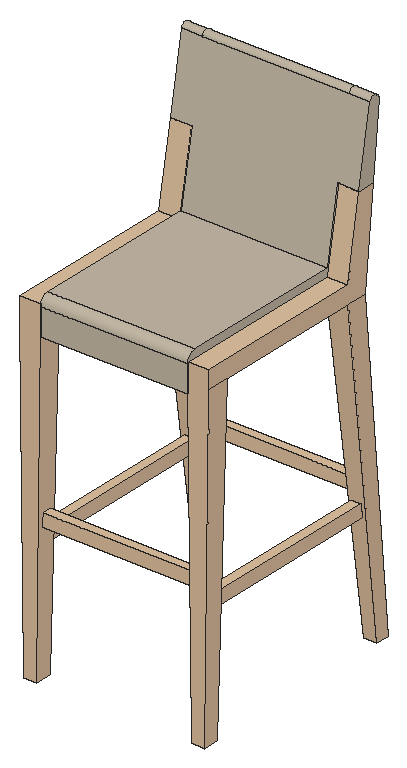
Revit family "FU_Stool_Sandler_Euthalia-181-41", category Furniture, Revit 2020
Family settings
  OmniClass Number = 23.40.20.00
  OmniClass Title = General Furniture and Specialties
  Work Plane-Based = No
  Always vertical = Yes
  Cut with Voids When Loaded = No
  Shared = No
  Room Calculation Point = No
Parameters
  Wood = Wood - Beech - Cherry Wood - V
  Width = 430 mm
  Upholstery = Fabric - Mainline Flax - Upminster MLF20
  URL = "https://www.sandlerseating.com/product/euthalia-181-41/"
  Model = "Euthalia 181.41"
  Manufacturer = "Sandler"
  Height = 1130 mm
  Description = "Barstool in walnut or beech frame with upholstered seat. Footrest in stainless steel. This product has an extended lead time."
  Depth = 520 mm
  Default Elevation = 0 mm
Reference planes
  plane 1 "Center (Front/Back)": y = 0
  plane 2: z = 0
  plane 3 "Center (Left/Right)": x = 0
  plane 4 "Right": x = -215
  plane 5 "Left": x = 215
  plane 6 "Back": y = 260
  plane 7 "Front": y = -260
  plane 8 "Height": z = 1130
  plane 9 "Seat height": z = 790
  plane 10: z = 951.98
  plane 11: z = 951.98
  plane 12: z = 951.98
  plane 13: z = 951.98
Forms (mm)
  Extrusion 1, solid, material "Fabric - Mainline Flax - Upminster MLF20" <- "Upholstery"
    sketch origin (0.066, 0.246, 425.352) x (0, 1, 0) y (0, 0, 1)
      loop
        arc (-239.728, 366.648) -> (-254.578, 360.497) -> (-260.728, 345.648) r 21
        line (-260.728, 345.648) -> (-260.728, 284.312) -> (180.696, 284.312) -> (223.702, 691.244)
        arc (223.702, 691.244) -> (213.423, 704.485) -> (199.782, 694.742) r 12.097
        line (199.782, 694.742) -> (138.331, 366.648) -> (-239.728, 366.648)
    from -167.546 to 167.413
  Extrusion 2, solid, material "Wood - Beech - Cherry Wood - V" <- "Wood"
    sketch origin (50, 0.246, 425.352) x (0, 1, 0) y (0, 0, 1)
      loop
        line (-260.246, 350.28) -> (-260.246, 309.213) -> (183.327, 309.213) -> (206.305, 526.628) -> (168.295, 526.628) -> (135.265, 350.28) -> (-260.246, 350.28)
    from -265 to -217.48
  Extrusion 3, solid, material "Fabric - Mainline Flax - Upminster MLF20" <- "Upholstery"
    sketch origin (50, 0.246, 425.352) x (0, 1, 0) y (0, 0, 1)
      loop
        line (199.782, 694.742) -> (168.295, 526.628) -> (206.305, 526.628) -> (223.702, 691.244)
        arc (223.702, 691.244) -> (213.423, 704.485) -> (199.782, 694.742) r 12.097
    from -265 to -217.48
  Blend 4, solid, material "Wood - Beech - Cherry Wood - V" <- "Wood"
    base sketch origin (50, 0.246, 0) x (1, 0, 0) y (0, 1, 0)
      loop
        line (-226.609, 259.754) -> (-256.609, 259.754) -> (-256.609, 229.754) -> (-226.609, 229.754) -> (-226.609, 259.754)
    top sketch origin (50, 0.246, 0) x (1, 0, 0) y (0, 1, 0)
      loop
        line (-217.48, 135.265) -> (-217.48, 183.327) -> (-265, 183.327) -> (-265, 135.265) -> (-217.48, 135.265)
    from 0 to 734.565
  Blend 5, solid, material "Wood - Beech - Cherry Wood - V" <- "Wood"
    base sketch origin (50, 28.748, 0) x (1, 0, 0) y (0, 1, 0)
      loop
        line (-256.24, -288.748) -> (-226.24, -288.748) -> (-226.24, -253.748) -> (-256.24, -253.748) -> (-256.24, -288.748)
    top sketch origin (50, 28.748, 0) x (1, 0, 0) y (0, 1, 0)
      loop
        line (-265, -238.485) -> (-265, -288.748) -> (-217.48, -288.748) -> (-217.48, -238.485) -> (-265, -238.485)
    from 0 to 734.565
  Extrusion 6, solid, material "Wood - Beech - Cherry Wood - V" <- "Wood"
    sketch origin (-50, 0.246, 425.352) x (0, 1, 0) y (0, 0, -1)
      loop
        line (-260.246, -350.28) -> (135.265, -350.28) -> (168.295, -526.628) -> (206.305, -526.628) -> (183.327, -309.213) -> (-260.246, -309.213) -> (-260.246, -350.28)
    from -265 to -217.48
  Extrusion 7, solid, material "Fabric - Mainline Flax - Upminster MLF20" <- "Upholstery"
    sketch origin (-50, 0.246, 425.352) x (0, 1, 0) y (0, 0, -1)
      loop
        arc (199.782, -694.742) -> (213.423, -704.485) -> (223.702, -691.244) r 12.097
        line (223.702, -691.244) -> (206.305, -526.628) -> (168.295, -526.628) -> (199.782, -694.742)
    from -265 to -217.48
  Blend 8, solid, material "Wood - Beech - Cherry Wood - V" <- "Wood"
    base sketch origin (-50, 28.748, 0) x (-1, 0, 0) y (0, -1, 0)
      loop
        line (-256.24, 288.748) -> (-256.24, 253.748) -> (-226.24, 253.748) -> (-226.24, 288.748) -> (-256.24, 288.748)
    top sketch origin (-50, 28.748, 0) x (-1, 0, 0) y (0, -1, 0)
      loop
        line (-265, 238.485) -> (-217.48, 238.485) -> (-217.48, 288.748) -> (-265, 288.748) -> (-265, 238.485)
    from 0 to 734.565
  Extrusion 9, solid, material "Wood - Beech - Cherry Wood - V" <- "Wood"
    sketch origin (0.825, 0, 0) x (1, 0, 0) y (0, 0, 1)
      loop
        line (-192.649, 344.271) -> (-192.649, 314.003) -> (190.999, 314.003) -> (190.999, 344.271) -> (-192.649, 344.271)
    from 230 to 250
  Extrusion 10, solid, material "Wood - Beech - Cherry Wood - V" <- "Wood"
    sketch origin (2.649, -32.032, 0) x (1, 0, 0) y (0, 0, -1)
      loop
        line (-192.649, -344.271) -> (190.999, -344.271) -> (190.999, -314.003) -> (-192.649, -314.003) -> (-192.649, -344.271)
    from 230 to 250
  Extrusion 11, solid, material "Wood - Beech - Cherry Wood - V" <- "Wood"
    sketch origin (0, 0.937, 0) x (0, 1, 0) y (0, 0, 1)
      loop
        line (-240.937, 299.448) -> (-240.937, 269.181) -> (197.031, 269.181) -> (197.031, 299.448) -> (-240.937, 299.448)
    from 180 to 200
  Blend 12, solid, material "Wood - Beech - Cherry Wood - V" <- "Wood"
    base sketch origin (-50, 0.246, 0) x (-1, 0, 0) y (0, -1, 0)
      loop
        line (-226.609, -259.754) -> (-226.609, -229.754) -> (-256.609, -229.754) -> (-256.609, -259.754) -> (-226.609, -259.754)
    top sketch origin (-50, 0.246, 0) x (-1, 0, 0) y (0, -1, 0)
      loop
        line (-217.48, -135.265) -> (-265, -135.265) -> (-265, -183.327) -> (-217.48, -183.327) -> (-217.48, -135.265)
    from 0 to 734.565
  Extrusion 13, solid, material "Wood - Beech - Cherry Wood - V" <- "Wood"
    sketch origin (0, 0.937, 0) x (0, 1, 0) y (0, 0, -1)
      loop
        line (-240.937, -299.448) -> (197.031, -299.448) -> (197.031, -269.181) -> (-240.937, -269.181) -> (-240.937, -299.448)
    from 180 to 200
  Extrusion 14, void
    sketch origin (0, 0, 0) x (0, 1, 0) y (0, 0, 1)
      loop
        line (-214.737, 734.565) -> (-214.737, 704.565) -> (200.263, 704.565) -> (200.263, 734.565) -> (-214.737, 734.565)
    from -215 to 215
Cuts and joins
  Extrusion 14 cuts Extrusion 1
  joined: Extrusion 1, Extrusion 3, Extrusion 7
  joined: Extrusion 2, Blend 4, Blend 5, Extrusion 6, Blend 8, Extrusion 9, Extrusion 10, Extrusion 11, Blend 12, Extrusion 13
Dimensions and locks
  equal spacing: plane 4 "Right", plane 3 "Center (Left/Right)", plane 5 "Left"
  "Width": plane 4 "Right" to plane 5 "Left"
  equal spacing: plane 6 "Back", plane 1 "Center (Front/Back)", plane 7 "Front"
  "Depth": plane 6 "Back" to plane 7 "Front"
  "Height": plane 8 "Height" to level
  plane 9 "Seat height" to level = 790 mm
  aligned and locked: level to plane 2
Automatic sketch dimensions
  Extrusion 1 sketch curve to plane 7 "Front" = 0.482 mm
  plane 7 "Front" to Extrusion 1 sketch curve = 20.518 mm
  plane 9 "Seat height" to Extrusion 1 sketch curve = 2 mm
  Extrusion 1 sketch curve to plane 6 "Back" = 121.423 mm
  Extrusion 1 sketch curve to plane 6 "Back" = 79.058 mm
  Extrusion 1 sketch curve to plane 8 "Height" = 9.906 mm
  Extrusion 1 sketch curve to plane 6 "Back" = 59.971 mm
  Extrusion 1 sketch curve to Extrusion 1 sketch curve = 11.89 mm
  Extrusion 1 sketch curve to plane 8 "Height" = 13.404 mm
  Extrusion 1 sketch curve to Extrusion 1 sketch curve = 12.03 mm
  Extrusion 1 sketch curve to Extrusion 1 sketch curve = 61.336 mm
  Extrusion 2 sketch curve to plane 7 "Front" = 0 mm
  Extrusion 2 sketch curve to plane 10 = 0 mm
  Extrusion 2 sketch curve to plane 9 "Seat height" = 14.368 mm
  Extrusion 2 sketch curve to plane 6 "Back" = 124.489 mm
  Extrusion 2 sketch curve to plane 6 "Back" = 91.459 mm
  Extrusion 2 sketch curve to Extrusion 2 sketch curve = 48.062 mm
  Extrusion 2 sketch curve to Extrusion 2 sketch curve = 38.01 mm
  Extrusion 2 sketch curve to plane 9 "Seat height" = 55.435 mm
  Extrusion 3 sketch curve to plane 11 = 0 mm
  Extrusion 3 sketch curve to plane 6 "Back" = 91.459 mm
  Extrusion 3 sketch curve to plane 8 "Height" = 9.906 mm
  Extrusion 3 sketch curve to plane 6 "Back" = 59.971 mm
  Extrusion 3 sketch curve to Extrusion 3 sketch curve = 38.01 mm
  Extrusion 3 sketch curve to Extrusion 3 sketch curve = 11.89 mm
  Extrusion 3 sketch curve to plane 8 "Height" = 13.404 mm
  Extrusion 3 sketch curve to Extrusion 3 sketch curve = 12.03 mm
  Blend 4 sketch curve to plane 6 "Back" = 0 mm
  Blend 4 sketch curve to plane 4 "Right" = 8.391 mm
  Blend 4 sketch curve to Blend 4 sketch curve = 30 mm  (x2)
  Blend 4 sketch curve to plane 4 "Right" = 0 mm
  Blend 4 sketch curve to Blend 4 sketch curve = 47.52 mm
  Blend 4 sketch curve to plane 6 "Back" = 124.489 mm
  Blend 4 sketch curve to Blend 4 sketch curve = 48.062 mm
  Blend 5 sketch curve to plane 7 "Front" = 0 mm  (x2)
  Blend 5 sketch curve to plane 4 "Right" = 8.76 mm
  Blend 5 sketch curve to Blend 5 sketch curve = 30 mm
  plane 7 "Front" to Blend 5 sketch curve = 35 mm
  Blend 5 sketch curve to plane 4 "Right" = 0 mm
  Blend 5 sketch curve to Blend 5 sketch curve = 47.52 mm
  plane 7 "Front" to Blend 5 sketch curve = 50.263 mm
  Extrusion 6 sketch curve to plane 7 "Front" = 0 mm
  Extrusion 6 sketch curve to plane 12 = 0 mm
  Extrusion 6 sketch curve to plane 9 "Seat height" = 14.368 mm
  Extrusion 6 sketch curve to plane 6 "Back" = 124.489 mm
  Extrusion 6 sketch curve to plane 6 "Back" = 91.459 mm
  Extrusion 6 sketch curve to Extrusion 6 sketch curve = 48.062 mm
  Extrusion 6 sketch curve to Extrusion 6 sketch curve = 38.01 mm
  Extrusion 6 sketch curve to plane 9 "Seat height" = 55.435 mm
  Extrusion 7 sketch curve to plane 13 = 0 mm
  Extrusion 7 sketch curve to plane 6 "Back" = 91.459 mm
  Extrusion 7 sketch curve to plane 8 "Height" = 9.906 mm
  Extrusion 7 sketch curve to plane 6 "Back" = 59.971 mm
  Extrusion 7 sketch curve to Extrusion 7 sketch curve = 38.01 mm
  Extrusion 7 sketch curve to Extrusion 7 sketch curve = 11.89 mm
  Extrusion 7 sketch curve to plane 8 "Height" = 13.404 mm
  Extrusion 7 sketch curve to Extrusion 7 sketch curve = 12.03 mm
  Blend 8 sketch curve to plane 7 "Front" = 0 mm  (x2)
  plane 5 "Left" to Blend 8 sketch curve = 8.76 mm
  Blend 8 sketch curve to Blend 8 sketch curve = 30 mm
  Blend 8 sketch curve to Blend 8 sketch curve = 35 mm
  Blend 8 sketch curve to plane 5 "Left" = 0 mm
  Blend 8 sketch curve to Blend 8 sketch curve = 47.52 mm
  Blend 8 sketch curve to Blend 8 sketch curve = 50.263 mm
  Extrusion 9 sketch curve to plane 4 "Right" = 23.176 mm
  plane 5 "Left" to Extrusion 9 sketch curve = 23.176 mm
  level to Extrusion 9 sketch curve = 314.003 mm
  Extrusion 9 sketch curve to Extrusion 9 sketch curve = 30.268 mm
  Extrusion 10 sketch curve to plane 4 "Right" = 25 mm
  plane 5 "Left" to Extrusion 10 sketch curve = 21.351 mm
  level to Extrusion 10 sketch curve = 344.271 mm
  Extrusion 10 sketch curve to Extrusion 10 sketch curve = 30.268 mm
  plane 7 "Front" to Extrusion 11 sketch curve = 20 mm
  Extrusion 11 sketch curve to plane 6 "Back" = 62.032 mm
  level to Extrusion 11 sketch curve = 269.181 mm
  Extrusion 11 sketch curve to Extrusion 11 sketch curve = 30.268 mm
  Blend 12 sketch curve to plane 6 "Back" = 0 mm
  plane 5 "Left" to Blend 12 sketch curve = 8.391 mm
  Blend 12 sketch curve to Blend 12 sketch curve = 30 mm
  Blend 12 sketch curve to plane 6 "Back" = 30 mm
  Blend 12 sketch curve to plane 5 "Left" = 0 mm
  Blend 12 sketch curve to Blend 12 sketch curve = 47.52 mm
  Blend 12 sketch curve to plane 6 "Back" = 76.426 mm
  Blend 12 sketch curve to Blend 12 sketch curve = 48.062 mm
  plane 7 "Front" to Extrusion 13 sketch curve = 20 mm
  Extrusion 13 sketch curve to plane 6 "Back" = 62.032 mm
  level to Extrusion 13 sketch curve = 299.448 mm
  Extrusion 13 sketch curve to Extrusion 13 sketch curve = 30.268 mm
  plane 7 "Front" to Extrusion 14 sketch curve = 45.263 mm
  Extrusion 14 sketch curve to plane 6 "Back" = 59.737 mm
  Extrusion 14 sketch curve to plane 9 "Seat height" = 85.435 mm
  Extrusion 14 sketch curve to Extrusion 14 sketch curve = 30 mm
